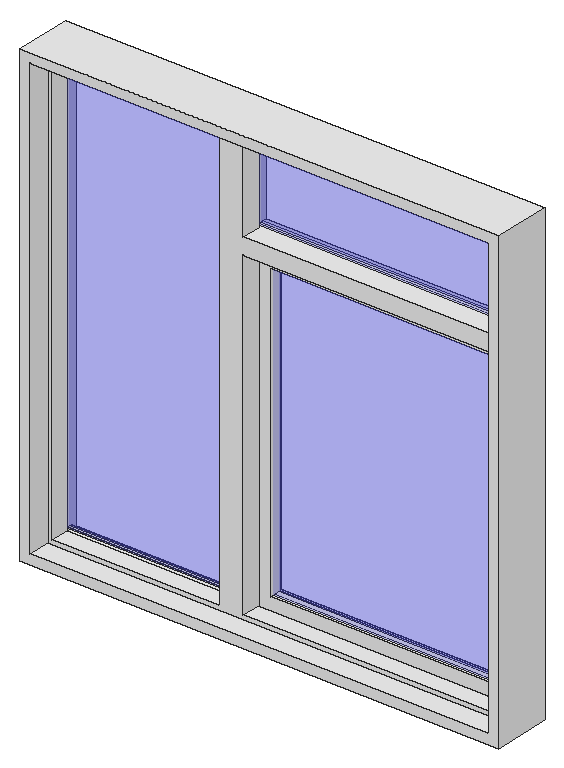
Revit family "M_Janela-batente-duplo-luz lateral", category Janelas, Revit 2019
Family settings
  Hospedeiro = Parede
  Número OmniClass = 23.30.20.00
  Título OmniClass = Windows
  Sempre na vertical = Sim
  Corte com vazios quando carregada = Não
  Compartilhado = Não
  Ponto de cálculo do ambiente = Não
Parameters (values of type "1250 x 1200mm")
  Janela aplicada [instance] = 15.9 mm
  Espessura da parede [instance] = 150 mm
  Visual Light Transmittance = 0.81
  Coeficiente da altura da travessa = 0.25
  Altura da travessa = Coeficiente da altura da travessa * Altura  # 300 mm
  Resistência térmica (R) = 0.319569 (m²·K)/W
  Solar Heat Gain Coefficient = 0.76
  Largura do lado = 0.4 * Largura  # 500 mm
  Largura bruta = Largura + 15 mm  # 1265 mm
  Altura bruta = Altura + 15 mm  # 1215 mm
  Largura da abertura da janela = Largura - Largura do lado  # 750 mm
  Altura da abertura da janela = Altura - Altura da travessa  # 900 mm
  Coeficiente de transferência de calor (U) = 3.12929 W/(m²·K)
  Material da moldura = Metal - Alum
  Altura = 1200 mm
  Material do painel de vidro = Vidro
  Intervalo da moldura 3 [instance] = Intervalo da moldura 1 + 6.4 mm  # 41.92 mm
  Intervalo da moldura 2 [instance] = if(Janela aplicada > 15.9 mm, Janela aplicada, 15.9 mm)  # 15.9 mm
  Intervalo da moldura 1 = 35.52 mm
  Classificação de incêndio = "0.5h"
  Altura-padrão do peitoril = 900 mm
  Fechamento da parede = Por hospedeiro
  Largura = 1250 mm
  Código de montagem = "B2020100"
  Construção analítica = "Vidraça dupla – residencial"
Types (4, lengths in mm): name | Janela aplicada | Coeficiente da altura da travessa | Altura da travessa | Largura do lado | Largura bruta | Altura bruta | Largura da abertura da janela | Altura da abertura da janela | Altura | Intervalo da moldura 3 | Intervalo da moldura 1 | Largura
  (no name) | 15.9 | 0.25 | 300 | 500 | 1265 | 1215 | 750 | 900 | 1200 | 41.92 | 35.52 | 1250
  1550 x 1350mm | 15.9 | 0.3 | 405 | 620 | 1565 | 1365 | 930 | 945 | 1350 | 41.92 | 35.52 | 1550
  1250 x 1200mm | 15.9 | 0.25 | 300 | 500 | 1265 | 1215 | 750 | 900 | 1200 | 41.92 | 35.52 | 1250
  1800 x 1500mm | 15.875 | 0.3 | 450 | 720 | 1815 | 1515 | 1080 | 1050 | 1500 | 41.4 | 35 | 1800
Reference planes
  plane 1 "Centro (Frente/Trás)": y = 0
  plane 2: z = 0
  plane 3 "Centro (Esquerda/Direita)": x = 0
  plane 4 "Esquerda": x = -625
  plane 5 "Direita": x = 625
  plane 6 "Peitoril": z = 900
  plane 7 "Extremidade superior": z = 2100
  plane 8 "Exterior": y = 75
  plane 9 "Interior": y = -75
  plane 10 "Vidro 1": y = 59.1
  plane 11: y = -17.1
  plane 12: x = -599.6
  plane 13: x = 599.6
  plane 14: y = 33.7
  plane 15: x = -589.48
  plane 16: x = 589.48
  plane 17: x = -125
  plane 18: x = -150.4
  plane 19: x = -99.6
  plane 20: x = -160.52
  plane 21: x = -89.48
  plane 22: z = 2074.6
  plane 23: z = 925.4
  plane 24 "Deslocamento do caixilho": y = 65.45
  plane 25: y = 75
  plane 26: x = -557.68
  plane 27: x = -192.32
  plane 28: x = -57.68
  plane 29: x = 557.68
  plane 30: z = 935.52
  plane 31: z = 2064.48
  plane 32 "Vidro 2": y = 52.75
  plane 33 "Vidro 3": y = 46.4
  plane 34 "Vidro 4": y = 40.05
  plane 35 "Meio": z = 1373.18
  plane 36 "Deslocamento do montante": y = 71.8
  plane 37: z = 1779.04
  plane 38: z = 1820.96
  plane 39: z = 1800
Forms (mm)
  Sweep 1, solid, material "Metal - Alum" <- "Material da moldura"
    path origin (0, 0, 0) x (1, 0, 0) y (0, 0, 1)
      loop
        line (-625, 900) -> (625, 900) -> (625, 2100) -> (-625, 2100) -> (-625, 900)
    profile origin (-625, 0, 1500) x (-1, 0, 0) y (0, -1, 0)
      loop
        line (0, -75) -> (0, 75) -> (-25.4, 75) -> (-25.4, 17.1) -> (-35.52, 17.1) -> (-35.52, -33.7) -> (-25.4, -33.7) -> (-25.4, -75) -> (0, -75)
  Extrusion 2, solid, material "Metal - Alum" <- "Material da moldura"
    sketch origin (0, 0, 900) x (0, -1, 0) y (1, 0, 0)
      loop
        line (-71.8, -150.4) -> (17.1, -150.4) -> (17.1, -89.48) -> (-33.7, -89.48) -> (-33.7, -99.6) -> (-71.8, -99.6) -> (-71.8, -150.4)
    from 25.4 to 1174.6
  Extrusion 3, solid, material "Vidro" <- "Material do painel de vidro"
    sketch origin (0, 0, 900) x (0, -1, 0) y (1, 0, 0)
      loop
        line (-59.1, -57.68) -> (-59.1, 557.68) -> (-71.8, 557.68) -> (-71.8, -57.68) -> (-59.1, -57.68)
      loop
        line (-46.4, -57.68) -> (-40.05, -57.68) -> (-40.05, 557.68) -> (-46.4, 557.68) -> (-46.4, -57.68)
    from 67.32 to 837.12
  Extrusion 4, solid, material "Vidro" <- "Material do painel de vidro"
    sketch origin (0, 0, 900) x (0, -1, 0) y (1, 0, 0)
      loop
        line (-59.1, -599.6) -> (-52.75, -599.6) -> (-52.75, -150.4) -> (-59.1, -150.4) -> (-59.1, -599.6)
      loop
        line (-46.4, -599.6) -> (-40.05, -599.6) -> (-40.05, -150.4) -> (-46.4, -150.4) -> (-46.4, -599.6)
    from 35.52 to 1174.6
  Extrusion 5, solid, material "Metal - Alum" <- "Material da moldura"
    sketch origin (625, 0, 0) x (0, -1, 0) y (0, 0, 1)
      loop
        line (-71.8, 1779.04) -> (17.1, 1779.04) -> (17.1, 1820.96) -> (-71.8, 1820.96) -> (-71.8, 1779.04)
    from 25.4 to 724.6
  Extrusion 6, solid, material "Vidro" <- "Material do painel de vidro"
    sketch origin (0, 0, 900) x (0, -1, 0) y (1, 0, 0)
      loop
        line (-46.4, -99.6) -> (-40.05, -99.6) -> (-40.05, 599.6) -> (-46.4, 599.6) -> (-46.4, -99.6)
      loop
        line (-59.1, -99.6) -> (-52.75, -99.6) -> (-52.75, 599.6) -> (-59.1, 599.6) -> (-59.1, -99.6)
    from 920.96 to 1174.6
  Sweep 7, solid, material "Metal - Alum" <- "Material da moldura"
    path origin (-474.87, 65.45, 1219.2) x (-1, 0, 0) y (0, 0, 1)
      loop
        line (-1074.47, -293.8) -> (-375.27, -293.8) -> (-375.27, 559.84) -> (-1074.47, 559.84) -> (-1074.47, -293.8)
    profile origin (599.6, 65.45, 1352.22) x (1, 0, 0) y (0, 1, 0)
      loop
        line (-41.92, 0) -> (-41.92, -31.75) -> (0, -31.75) -> (0, 0) -> (-41.92, 0)
Cuts and joins
  joined: Sweep 1, Extrusion 2, Extrusion 5
Lines and regions (mm)
  Opening 1
    outline origin (-1524, -75, 0) x (1, 0, 0) y (0, 0, 1)
      loop
        line (899, 2100) -> (899, 900) -> (2149, 900) -> (2149, 2100) -> (899, 2100)
  symbolic lines, style "Giro da elevação"
    curve 1: line (-99.6, 65.45, 1779.04) -> (599.6, 65.45, 1373.18)
    curve 2: line (-99.6, 65.45, 925.4) -> (599.6, 65.45, 1373.18)
Text (mm)
  text "EXTERIOR" at (-1490.695, 1293.036, 0), in view "Nível de referência"
  text "INTERIOR" at (-1490.695, -959.266, 0), in view "Nível de referência"
  text "Exterior" at (0, 1108.87, 3129.179), in view "Esquerda"
  text "Exterior" at (0, 464.664, 3176.206), in view "Direita"
Dimensions and locks
  equal spacing: plane 4 "Esquerda", plane 3 "Centro (Esquerda/Direita)", plane 5 "Direita"
  "Largura": plane 4 "Esquerda" to plane 5 "Direita"
  "Altura": plane 6 "Peitoril" to plane 7 "Extremidade superior"
  "Altura-padrão do peitoril": plane 2 to plane 6 "Peitoril"
  locked: plane 4 "Esquerda" to plane 12 at 25.4
  locked: plane 13 to plane 5 "Direita" at 25.4
  "Intervalo da moldura 1": plane 4 "Esquerda" to plane 15
  "Intervalo da moldura 1": plane 16 to plane 5 "Direita"
  locked: plane 14 to plane 11 at 50.8
  plane 4 "Esquerda" to plane 17 to plane 5 "Direita" = 500 mm, 750 mm
  locked: plane 18 to plane 17 at 25.4
  locked: plane 17 to plane 19 at 25.4
  "Intervalo da moldura 1": plane 20 to plane 17
  "Intervalo da moldura 1": plane 17 to plane 21
  locked: plane 7 "Extremidade superior" to plane 22 at 25.4
  locked: plane 23 to plane 6 "Peitoril" at 25.4
  "Intervalo da moldura 2": plane 25 to plane 10 "Vidro 1"
  "Intervalo da moldura 3": plane 12 to plane 26
  "Intervalo da moldura 3": plane 27 to plane 18
  "Intervalo da moldura 3": plane 19 to plane 28
  "Intervalo da moldura 3": plane 29 to plane 13
  "Intervalo da moldura 1": plane 6 "Peitoril" to plane 30
  "Intervalo da moldura 1": plane 31 to plane 7 "Extremidade superior"
  locked: plane 10 "Vidro 1" to plane 32 "Vidro 2" at 6.35
  locked: plane 32 "Vidro 2" to plane 33 "Vidro 3" at 6.35
  locked: plane 33 "Vidro 3" to plane 34 "Vidro 4" at 6.35
  locked: plane 10 "Vidro 1" to plane 14 at 25.4
  locked: plane 24 "Deslocamento do caixilho" to plane 10 "Vidro 1" at 6.35
  locked: plane 36 "Deslocamento do montante" to plane 24 "Deslocamento do caixilho" at 6.35
  "Intervalo da moldura 3": plane 37 to plane 38
  "Largura do lado": plane 4 "Esquerda" to plane 17
  equal spacing: plane 23, plane 35 "Meio", plane 38
  "Janela aplicada": plane 8 "Exterior" to plane 10 "Vidro 1"
  "Espessura da parede": host wall to host wall
  equal spacing: plane 37, plane 39, plane 38
  "Altura da travessa": plane 39 to plane 7 "Extremidade superior"
  aligned and locked: plane 7 "Extremidade superior" to Opening 1 sketch curve
  aligned and locked: plane 6 "Peitoril" to Opening 1 sketch curve  (x2)
  aligned and locked: plane 5 "Direita" to Opening 1 sketch curve
  aligned and locked: plane 4 "Esquerda" to Opening 1 sketch curve
  aligned and locked: level to plane 2
  aligned and locked: host wall to plane 8 "Exterior"
  aligned and locked: plane 9 "Interior" to host wall
  aligned and locked: Sweep 1 sketch curve to plane 4 "Esquerda"  (x2)
  aligned and locked: plane 7 "Extremidade superior" to Sweep 1 sketch curve  (x2)
  aligned and locked: plane 5 "Direita" to Sweep 1 sketch curve  (x2)
  aligned and locked: plane 6 "Peitoril" to Sweep 1 sketch curve  (x2)
  aligned and locked: plane 4 "Esquerda" to Sweep 1 sketch curve  (x2)
  aligned and locked: Sweep 1 sketch curve to plane 14
  aligned and locked: Sweep 1 sketch curve to plane 15
  aligned and locked: plane 11 to Sweep 1 sketch curve  (x2)
  aligned and locked: plane 9 "Interior" to Sweep 1 sketch curve  (x2)
  aligned and locked: plane 12 to Sweep 1 sketch curve  (x2)
  aligned and locked: plane 15 to Sweep 1 sketch curve
  aligned and locked: plane 14 to Sweep 1 sketch curve
  aligned and locked: Extrusion 2 to Sweep 1
  aligned and locked: plane 25 to Sweep 1 sketch curve  (x2)
  aligned and locked: plane 36 "Deslocamento do montante" to Extrusion 2
  aligned and locked: plane 10 "Vidro 1" to Extrusion 4 sketch curve
  aligned and locked: Extrusion 4 sketch curve to plane 12  (x2)
  aligned and locked: Extrusion 4 sketch curve to plane 32 "Vidro 2"
  aligned and locked: Extrusion 4 sketch curve to plane 33 "Vidro 3"
  aligned and locked: Extrusion 4 sketch curve to plane 34 "Vidro 4"
  aligned and locked: plane 18 to Extrusion 4 sketch curve
  aligned and locked: plane 22 to Extrusion 4
  aligned and locked: plane 13 to Extrusion 5
  aligned and locked: Extrusion 5 to plane 19
  aligned and locked: Extrusion 2 sketch curve to plane 18
  aligned and locked: Extrusion 2 sketch curve to plane 11
  aligned and locked: Extrusion 2 sketch curve to plane 21
  aligned and locked: Extrusion 2 sketch curve to plane 36 "Deslocamento do montante"
  aligned and locked: plane 19 to Extrusion 2 sketch curve  (x2)
  aligned and locked: plane 14 to Extrusion 2 sketch curve  (x2)
  aligned and locked: plane 21 to Extrusion 2 sketch curve
  aligned and locked: plane 18 to Extrusion 2 sketch curve
  aligned and locked: plane 11 to Extrusion 2 sketch curve
  aligned and locked: Extrusion 6 to plane 38
  aligned and locked: plane 22 to Extrusion 6
  aligned and locked: Sweep 7 sketch curve to profile plane
  aligned and locked: plane 29 to Sweep 7 sketch curve
  aligned and locked: Sweep 7 sketch curve to cut or joined group of Sweep 1, Extrusion 2, Extrusion 5
  aligned and locked: cut or joined group of Sweep 1, Extrusion 2, Extrusion 5 to Sweep 7 sketch curve
  aligned and locked: plane 13 to Sweep 7 sketch curve  (x2)
  aligned and locked: Extrusion 3 to Sweep 7  (x2)
  aligned and locked: Extrusion 5 sketch curve to plane 36 "Deslocamento do montante"
  aligned and locked: Extrusion 5 sketch curve to plane 38
  aligned and locked: plane 37 to Extrusion 5 sketch curve
  aligned and locked: plane 11 to Extrusion 5 sketch curve
  aligned and locked: plane 38 to Extrusion 5 sketch curve
  aligned and locked: Extrusion 6 sketch curve to plane 19  (x2)
  aligned and locked: plane 10 "Vidro 1" to Extrusion 6 sketch curve
  aligned and locked: plane 19 to Sweep 7 sketch curve  (x2)
  aligned and locked: plane 23 to Sweep 7 sketch curve  (x2)
  aligned and locked: plane 37 to Sweep 7 sketch curve  (x2)
  aligned and locked: plane 10 "Vidro 1" to Extrusion 3 sketch curve
  aligned and locked: Extrusion 3 sketch curve to plane 28  (x2)
  aligned and locked: plane 29 to Extrusion 3 sketch curve  (x2)
  aligned and locked: plane 33 "Vidro 3" to Extrusion 3 sketch curve
  aligned and locked: Extrusion 3 sketch curve to plane 34 "Vidro 4"
  aligned and locked: Extrusion 4 to plane 30
  aligned and locked: cut or joined group of Sweep 1, Extrusion 2, Extrusion 5 to plane 23
  aligned and locked: plane 37 to curve 1
  aligned and locked: plane 19 to curve 1
  aligned and locked: plane 35 "Meio" to curve 2
  aligned and locked: plane 13 to curve 2
  aligned and locked: plane 23 to curve 2
  aligned and locked: plane 19 to curve 2
  aligned and locked: nested 1 to plane 4 "Esquerda"
  aligned and locked: nested 1 to plane 8 "Exterior"
  aligned and locked: nested 2 to plane 5 "Direita"
  aligned and locked: nested 1 to plane 7 "Extremidade superior"
  aligned and locked: plane 37 to nested 2
  aligned and locked: nested 2 to plane 8 "Exterior"
Automatic sketch dimensions
  Extrusion 4 sketch curve to plane 32 "Vidro 2" = 0 mm
  Extrusion 4 sketch curve to plane 18 = 0 mm
  Extrusion 6 sketch curve to plane 32 "Vidro 2" = 0 mm
  Extrusion 6 sketch curve to plane 13 = 0 mm  (x2)
  plane 33 "Vidro 3" to Extrusion 6 sketch curve = 0 mm
  Extrusion 6 sketch curve to plane 34 "Vidro 4" = 0 mm
  Extrusion 3 sketch curve to plane 36 "Deslocamento do montante" = 0 mm
Nested families
  nested 1: "M_Plana-fixa_simples" at (-375, 75, 1800), Janela aplicada <- "Janela aplicada", Largura <- "Largura do lado", Altura <- "Altura da travessa", Espessura da parede <- "Espessura da parede", type "M_Plana-fixa_simples"
    with Janela aplicada de 3D 2.9 mm, Janela aplicada 15.9 mm, Largura 500 mm, Espessura da parede 150 mm, Linha superior yes, Linha à direita no, Linha à esquerda yes, Altura 300 mm, Linha inferior no
  nested 2: "M_Plano-Batente" at (250, 75, 879.04), Janela aplicada <- "Janela aplicada", Largura <- "Largura da abertura da janela", Altura <- "Altura da abertura da janela", Espessura da parede <- "Espessura da parede", type "M_Plano-Batente"
    with Janela aplicada de 3D 2.9 mm, Janela aplicada 15.9 mm, Largura 750 mm, Espessura da parede 150 mm, Linha superior no, Linha à direita yes, RH yes, Linha à esquerda no, LH no, Altura 900 mm, Linha inferior yes
Definition of nested family "M_Plana-fixa_simples"
  Parameters (values of type "M_Plana-fixa_simples")
    Janela aplicada [instance] = 25 mm
    Janela aplicada de 3D [instance] = if(Janela aplicada - 13 mm < 0 mm, 0 mm, if(Janela aplicada - 13 mm < Espessura da parede - 90 mm, Janela aplicada - 13 mm, Espessura da parede - 90 mm))  # 12 mm
    Width [instance] = 1200 mm
    Espessura da parede [instance] = 150 mm
    Linha superior [instance] = yes
    Linha à direita [instance] = yes
    Linha à esquerda [instance] = yes
    Height [instance] = 900 mm
    Default Elevation = 1200 mm
    Linha inferior [instance] = yes
    Analytic Construction = "<Nenhum>"
  Reference planes
    plane 1 "Centro (Frente/Trás)": y = 0
    plane 2: z = 0
    plane 3 "Centro (Esquerda/Direita)": x = 0
    plane 4: x = -600
    plane 5: x = 600
    plane 6 "Umbral": y = -100.9
    plane 7: x = -587.3
    plane 8: y = -12
    plane 9: y = -56.45
    plane 10: y = -34.225
    plane 11: x = 587.3
    plane 12 "Janela aplicada": y = -24.7
    plane 13 "Parede": y = -150
    plane 14: z = 900
    plane 15: z = 887.3
    plane 16: z = 12.7
    plane 17: z = 868.25
    plane 18: z = 31.75
    plane 19: z = 830.15
    plane 20: z = 69.85
  Lines and regions (mm)
    Masking region 1
      outline origin (0, 19.05, 0) x (1, 0, 0) y (0, 1, 0)
        loop
          line (-600, -19.05) -> (-600, -169.05) -> (600, -169.05) -> (600, -19.05) -> (-600, -19.05)
    Masking region 2
      outline origin (0, 0, 0) x (0, 1, 0) y (0, 0, 1)
        loop
          line (-150, 0) -> (0, 0) -> (0, 900) -> (-150, 900) -> (-150, 0)
    symbolic lines
      curve 1: line (-587.3, -12, 0) -> (-587.3, -100.9, 0)
      curve 2: line (-587.3, -34.225, 0) -> (587.3, -34.225, 0)
      curve 3: line (587.3, -12, 0) -> (587.3, -100.9, 0)
      curve 4: line (-600, -100.9, 0) -> (-587.3, -100.9, 0)
      curve 5: line (587.3, -100.9, 0) -> (600, -100.9, 0)
      curve 6: line (587.3, -100.9, 0) -> (-587.3, -100.9, 0)
      curve 7: line (0, -12, 887.3) -> (0, -100.9, 887.3)
      curve 8: line (0, -100.9, 12.7) -> (0, -100.9, 887.3)
      curve 9: line (0, -12, 12.7) -> (0, -100.9, 12.7)
      curve 10: line (0, -12, 900) -> (0, -12, 887.3)
      curve 11: line (0, -34.225, 12.7) -> (0, -34.225, 887.3)
      curve 12: line (587.3, -12, 0) -> (600, -12, 0)
      curve 13: line (-587.3, -12, 0) -> (-600, -12, 0)
      curve 14: line (0, -12, 12.7) -> (0, -12, 0)
      curve 15: line (-587.3, -12, 0) -> (587.3, -12, 0)
      curve 16: line (0, -12, 12.7) -> (0, -12, 887.3)
      curve 17: line (0, -100.9, 12.7) -> (0, -100.9, 0)
      curve 18: line (0, -100.9, 887.3) -> (0, -100.9, 900)
    symbolic lines, visible <- "Linha à esquerda"
      curve 19: line (-600, 0, 0) -> (-600, -150, 0)
    symbolic lines, visible <- "Linha à direita"
      curve 20: line (600, 0, 0) -> (600, -150, 0)
    symbolic lines, visible <- "Linha superior"
      curve 21: line (0, 0, 900) -> (0, -150, 900)
    symbolic lines, visible <- "Linha inferior"
      curve 22: line (0, 0, 0) -> (0, -150, 0)
  Dimensions and locks
    "Width": plane 4 to plane 5
    equal spacing: plane 4, plane 3 "Centro (Esquerda/Direita)", plane 5
    locked: plane 4 to plane 7 at 12.7
    equal spacing: plane 8, plane 10, plane 9
    locked: plane 5 to plane 11 at 12.7
    locked: plane 8 to plane 12 "Janela aplicada" at 12.7
    locked: plane 8 to plane 9 at 44.45
    "Espessura da parede": plane 13 "Parede" to plane 1 "Centro (Frente/Trás)"
    "Height": plane 14 to plane 2
    locked: plane 14 to plane 15 at 12.7
    locked: plane 16 to plane 2 at 12.7
    locked: plane 15 to plane 17 at 19.05
    locked: plane 18 to plane 16 at 19.05
    locked: plane 15 to plane 19 at 57.15
    locked: plane 20 to plane 16 at 57.15
    locked: plane 9 to plane 6 "Umbral" at 44.45
    "Janela aplicada de 3D": plane 8 to plane 1 "Centro (Frente/Trás)"
    aligned and locked: plane 2 to level
    aligned and locked: Masking region 1 sketch curve to plane 13 "Parede"
    aligned and locked: curve 4 to plane 6 "Umbral"
    aligned and locked: curve 5 to plane 6 "Umbral"
    aligned and locked: plane 1 "Centro (Frente/Trás)" to Masking region 1 sketch curve  (x2)
    aligned and locked: plane 13 "Parede" to Masking region 2 sketch curve  (x2)
    aligned and locked: plane 6 "Umbral" to curve 8
    aligned and locked: plane 15 to curve 7
    aligned and locked: plane 16 to curve 9
    aligned and locked: curve 10 to plane 8
    aligned and locked: plane 10 to curve 11
    aligned and locked: plane 5 to curve 12
    aligned and locked: plane 14 to curve 10
    aligned and locked: plane 8 to curve 7
    aligned and locked: plane 4 to curve 13
    aligned and locked: plane 8 to curve 14
    aligned and locked: plane 2 to curve 14
    aligned and locked: curve 1 to plane 7
    aligned and locked: plane 11 to curve 3
    aligned and locked: curve 15 to plane 8
    aligned and locked: curve 18 to plane 6 "Umbral"
    aligned and locked: plane 4 to Masking region 1 sketch curve
    aligned and locked: Masking region 1 sketch curve to plane 5
    aligned and locked: plane 14 to Masking region 2 sketch curve
    aligned and locked: Masking region 2 sketch curve to plane 2
    aligned and locked: plane 13 "Parede" to Masking region 1 sketch curve
    aligned and locked: plane 1 "Centro (Frente/Trás)" to curve 19
    aligned and locked: plane 13 "Parede" to curve 19
    aligned and locked: curve 19 to plane 4
    aligned and locked: plane 1 "Centro (Frente/Trás)" to curve 20
    aligned and locked: plane 13 "Parede" to curve 20
    aligned and locked: curve 20 to plane 5
    aligned and locked: plane 1 "Centro (Frente/Trás)" to Masking region 2 sketch curve
    aligned and locked: plane 1 "Centro (Frente/Trás)" to curve 21
    aligned and locked: plane 13 "Parede" to curve 21
    aligned and locked: curve 21 to plane 14
    aligned and locked: plane 1 "Centro (Frente/Trás)" to curve 22
    aligned and locked: plane 13 "Parede" to curve 22
    aligned and locked: curve 22 to plane 2
  Automatic sketch dimensions
    curve 2 to plane 10 = 0 mm
Definition of nested family "M_Plano-Batente"
  Parameters (values of type "M_Plano-Batente")
    Janela aplicada [instance] = 25 mm
    Janela aplicada de 3D [instance] = if(Janela aplicada - 13 mm < 0 mm, 0 mm, if(Janela aplicada - 13 mm < Espessura da parede - 90 mm, Janela aplicada - 13 mm, Espessura da parede - 90 mm))  # 12 mm
    Width [instance] = 1200 mm
    Espessura da parede [instance] = 150 mm
    Linha superior [instance] = yes
    Linha à direita [instance] = yes
    RH [instance] = yes
    Linha à esquerda [instance] = yes
    LH [instance] = yes
    Height [instance] = 900 mm
    Default Elevation = 1200 mm
    Linha inferior [instance] = yes
    Analytic Construction = "<Nenhum>"
  Reference planes
    plane 1 "Centro (Frente/Trás)": y = 0
    plane 2: z = 0
    plane 3 "Centro (Esquerda/Direita)": x = 0
    plane 4: x = -600
    plane 5: x = 600
    plane 6 "Umbral": y = -100.9
    plane 7: x = -587.3
    plane 8: x = -568.25
    plane 9: y = -12
    plane 10: y = -56.45
    plane 11: y = -34.225
    plane 12: x = -530.15
    plane 13: x = 587.3
    plane 14: x = 568.25
    plane 15: x = 530.15
    plane 16 "Janela aplicada": y = -24.7
    plane 17 "Parede": y = -150
    plane 18: z = 900
    plane 19: z = 887.3
    plane 20: z = 12.7
    plane 21: z = 868.25
    plane 22: z = 31.75
    plane 23: z = 830.15
    plane 24: z = 69.85
  Lines and regions (mm)
    Masking region 1
      outline origin (0, 19.05, 0) x (1, 0, 0) y (0, 1, 0)
        loop
          line (-600, -19.05) -> (-600, -169.05) -> (600, -169.05) -> (600, -19.05) -> (-600, -19.05)
    Masking region 2
      outline origin (0, 0, 0) x (0, 1, 0) y (0, 0, 1)
        loop
          line (0, 900) -> (-150, 900) -> (-150, 0) -> (0, 0) -> (0, 900)
    symbolic lines
      curve 1: line (-587.3, -56.45, 0) -> (-568.25, -56.45, 0)
      curve 2: line (-568.25, -56.45, 0) -> (-568.25, -100.9, 0)
      curve 3: line (-587.3, -12, 0) -> (-587.3, -56.45, 0)
      curve 4: line (-530.15, -12, 0) -> (-530.15, -56.45, 0)
      curve 5: line (-530.15, -56.45, 0) -> (-568.25, -56.45, 0)
      curve 6: line (-530.15, -34.225, 0) -> (530.15, -34.225, 0)
      curve 7: line (587.3, -56.45, 0) -> (568.25, -56.45, 0)
      curve 8: line (568.25, -56.45, 0) -> (568.25, -100.9, 0)
      curve 9: line (587.3, -12, 0) -> (587.3, -56.45, 0)
      curve 10: line (530.15, -12, 0) -> (530.15, -56.45, 0)
      curve 11: line (530.15, -56.45, 0) -> (568.25, -56.45, 0)
      curve 14: line (-600, -100.9, 0) -> (-568.25, -100.9, 0)
      curve 15: line (568.25, -100.9, 0) -> (600, -100.9, 0)
      curve 16: line (568.25, -100.9, 0) -> (-568.25, -100.9, 0)
      curve 17: line (0, -12, 887.3) -> (0, -56.45, 887.3)
      curve 18: line (0, -56.45, 868.25) -> (0, -100.9, 868.25)
      curve 19: line (0, -12, 12.7) -> (0, -56.45, 12.7)
      curve 20: line (0, -56.45, 12.7) -> (0, -56.45, 69.85)
      curve 21: line (0, -56.45, 31.75) -> (0, -100.9, 31.75)
      curve 22: line (0, -12, 900) -> (0, -12, 830.15)
      curve 23: line (0, -12, 830.15) -> (0, -56.45, 830.15)
      curve 24: line (0, -56.45, 69.85) -> (0, -12, 69.85)
      curve 25: line (0, -34.225, 69.85) -> (0, -34.225, 830.15)
      curve 28: line (0, -56.45, 887.3) -> (0, -56.45, 830.15)
      curve 29: line (530.15, -12, 0) -> (600, -12, 0)
      curve 30: line (-530.15, -12, 0) -> (-600, -12, 0)
      curve 31: line (0, -12, 69.85) -> (0, -12, 0)
      curve 32: line (-530.15, -12, 0) -> (530.15, -12, 0)
      curve 33: line (0, -12, 830.15) -> (0, -12, 69.85)
      curve 38: line (0, -100.9, 31.75) -> (0, -100.9, 868.25)
      curve 39: line (0, -100.9, 31.75) -> (0, -100.9, 0)
      curve 40: line (0, -100.9, 900) -> (0, -100.9, 868.25)
    symbolic lines, visible <- "RH"
      curve 12: arc (-587.3, -12, 0) -> (-497.889, 437.5, 0) -> (-243.268, 818.568, 0) r 1174.6
      curve 26: line (587.3, -12, 0) -> (-243.268, 818.568, 0)
    symbolic lines, visible <- "LH"
      curve 13: line (-587.3, -12, 0) -> (243.268, 818.568, 0)
      curve 27: arc (587.3, -12, 0) -> (497.889, 437.5, 0) -> (243.268, 818.568, 0) r 1174.6
    symbolic lines, visible <- "Linha à direita"
      curve 34: line (600, 0, 0) -> (600, -150, 0)
    symbolic lines, visible <- "Linha à esquerda"
      curve 35: line (-600, 0, 0) -> (-600, -150, 0)
    symbolic lines, visible <- "Linha superior"
      curve 36: line (0, 0, 900) -> (0, -150, 900)
    symbolic lines, visible <- "Linha inferior"
      curve 37: line (0, 0, 0) -> (0, -150, 0)
  Dimensions and locks
    "Width": plane 4 to plane 5
    equal spacing: plane 4, plane 3 "Centro (Esquerda/Direita)", plane 5
    plane 4 to plane 7 to plane 8 = 12.7 mm locked, 19.05 mm locked
    equal spacing: plane 9, plane 11, plane 10
    locked: plane 7 to plane 12 at 57.15
    plane 5 to plane 13 to plane 14 = 12.7 mm locked, 19.05 mm locked
    locked: plane 13 to plane 15 at 57.15
    locked: plane 9 to plane 16 "Janela aplicada" at 12.7
    locked: plane 9 to plane 10 at 44.45
    "Espessura da parede": plane 17 "Parede" to plane 1 "Centro (Frente/Trás)"
    "Height": plane 18 to plane 2
    locked: plane 18 to plane 19 at 12.7
    locked: plane 20 to plane 2 at 12.7
    locked: plane 19 to plane 21 at 19.05
    locked: plane 22 to plane 20 at 19.05
    locked: plane 19 to plane 23 at 57.15
    locked: plane 24 to plane 20 at 57.15
    locked: plane 10 to plane 6 "Umbral" at 44.45
    "Janela aplicada de 3D": plane 9 to plane 1 "Centro (Frente/Trás)"
    locked: plane 9 to curve 13 (angle 45.00°)
    angle curve 26 to plane 16 "Janela aplicada" = 45.00°
    aligned and locked: plane 2 to level
    aligned and locked: curve 2 to plane 8
    aligned and locked: curve 1 to plane 10
    aligned and locked: plane 14 to curve 8
    aligned and locked: curve 14 to plane 6 "Umbral"
    aligned and locked: curve 15 to plane 6 "Umbral"
    aligned and locked: plane 21 to curve 18
    aligned and locked: plane 19 to curve 17
    aligned and locked: plane 22 to curve 21
    aligned and locked: plane 10 to curve 20
    aligned and locked: plane 20 to curve 19
    aligned and locked: curve 22 to plane 9
    aligned and locked: plane 23 to curve 23
    aligned and locked: curve 24 to plane 24
    aligned and locked: plane 11 to curve 25
    aligned and locked: plane 13 to curve 27
    aligned and locked: plane 9 to curve 13
    aligned and locked: plane 9 to curve 26
    aligned and locked: plane 5 to curve 29
    aligned and locked: plane 18 to curve 22
    aligned and locked: plane 9 to curve 17
    aligned and locked: plane 9 to curve 19
    aligned and locked: plane 9 to curve 3
    aligned and locked: plane 9 to curve 9
    aligned and locked: curve 28 to plane 10
    aligned and locked: plane 19 to curve 28
    aligned and locked: plane 23 to curve 28
    aligned and locked: plane 4 to curve 30
    aligned and locked: plane 9 to curve 31
    aligned and locked: plane 2 to curve 31
    aligned and locked: curve 32 to plane 9
    aligned and locked: plane 12 to curve 32
    aligned and locked: plane 15 to curve 32
    aligned and locked: plane 24 to curve 33
    aligned and locked: plane 1 "Centro (Frente/Trás)" to curve 34
    aligned and locked: plane 17 "Parede" to curve 34
    aligned and locked: curve 34 to plane 5
    aligned and locked: plane 17 "Parede" to curve 35
    aligned and locked: plane 1 "Centro (Frente/Trás)" to curve 35
    aligned and locked: curve 35 to plane 4
    aligned and locked: plane 17 "Parede" to curve 37
    aligned and locked: plane 1 "Centro (Frente/Trás)" to curve 37
    aligned and locked: curve 37 to plane 2
    aligned and locked: plane 17 "Parede" to curve 36
    aligned and locked: plane 1 "Centro (Frente/Trás)" to curve 36
    aligned and locked: curve 36 to plane 18
    aligned and locked: plane 1 "Centro (Frente/Trás)" to Masking region 1 sketch curve
    aligned and locked: plane 17 "Parede" to Masking region 1 sketch curve
    aligned and locked: plane 4 to Masking region 1 sketch curve
    aligned and locked: Masking region 1 sketch curve to plane 5
    aligned and locked: plane 2 to Masking region 2 sketch curve
    aligned and locked: Masking region 2 sketch curve to plane 18
    aligned and locked: plane 1 "Centro (Frente/Trás)" to Masking region 2 sketch curve
    aligned and locked: plane 17 "Parede" to Masking region 2 sketch curve
    aligned and locked: plane 6 "Umbral" to curve 21
    aligned and locked: plane 6 "Umbral" to curve 18
    aligned and locked: plane 10 to curve 18
    aligned and locked: plane 10 to curve 21
    aligned and locked: plane 22 to curve 39
    aligned and locked: plane 21 to curve 40
    aligned and locked: plane 6 "Umbral" to curve 40
  Automatic sketch dimensions
    curve 3 to plane 7 = 0 mm
    curve 27 to plane 7 = 0 mm
    curve 12 to plane 13 = 0 mm
    curve 7 to plane 10 = 0 mm
    curve 6 to plane 11 = 0 mm
